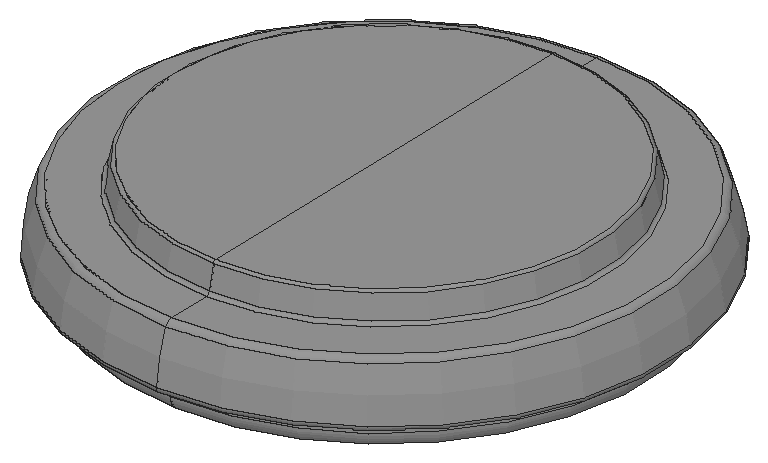
Revit family "FMK11_63_UN_Surface-mounted_ETK", category Lighting Fixtures, Revit 2017 (continued)
Definition of nested family "FMK.1 - Lightsource"
  Types (13, lengths in mm): name | Wattage Comments | Photometric Web File | built-in parameter 1150142 | Apparent Load
      53\t125.7813\t106.5085\r\n88.2355\t70.5452\t54.1615\t7.8573\t0\t0\r\n604.9325\t604.7176\t603.7796\t601.7596\t599.0029\t595.4393\t591.2503\t586.1635\t580.3285\t573.8209\r\n566.5729\t558.4662\t549.5574\t539.959\t529.6359\t518.622\t506.8968\t494.5226\t481.3277\t467.6546\r\n453.3728\t438.6295\t423.5379\t407.4691\t390.6461\t373.1217\t355.4348\t337.4507\t319.172\t300.5231\r\n281.7847\t262.9024\t244.0497\t224.0008\t203.7622\t183.799\t164.2428\t144.9022\t125.7293\t107.5918\r\n88.8514\t71.1298\t54.4435\t38.5694\t0\t0\r\n604.9325\t604.7494\t603.8591\t602.1349\t599.1772\t595.6368\t591.4608\t586.3802\t580.5395\t573.9061\r\n566.6576\t558.7326\t549.8582\t540.3013\t530.0523\t519.0994\t507.4605\t495.1326\t482.1254\t468.5441\r\n454.2405\t439.307\t423.9316\t408.0499\t391.4158\t374.6547\t357.1749\t339.1212\t320.3753\t301.4552\r\n282.4058\t263.17\t243.6782\t224.3313\t205.2234\t185.5059\t165.095\t145.3835\t126.4193\t107.5003\r\n89.5871\t71.6948\t54.518\t36.9883\t0\t0\r\n604.9325\t604.7798\t603.933\t602.2606\t599.5824\t595.8575\t591.7058\t586.6435\t580.8116\t574.1898\r\n566.9202\t558.8521\t549.9829\t540.4445\t530.3688\t519.4493\t507.8531\t495.5801\t482.6631\t469.1248\r\n454.9178\t440.2534\t424.928\t409.1933\t392.26\t375.0811\t357.6797\t339.8697\t321.5662\t303.0997\r\n284.0796\t264.4382\t244.6256\t224.8094\t205.0348\t185.2383\t165.9856\t147.0073\t127.0858\t107.9981\r\n89.7259\t72.2025\t55.0032\t33.0733\t2.9733\t0\r\n604.9325\t604.8087\t604.0009\t602.3737\t599.7493\t596.298\t592.2\t587.1644\t581.1454\t574.5515\r\n567.2809\t559.2119\t550.3447\t540.7829\t530.5511\t519.5979\t508.0056\t495.7365\t482.8831\t469.4721\r\n455.32\t440.7056\t425.4497\t409.8313\t392.9182\t375.989\t358.654\t340.8931\t322.57\t303.9496\r\n284.9419\t265.4893\t245.963\t226.2227\t206.5172\t186.1591\t166.2968\t146.6662\t127.4699\t108.8866\r\n90.4763\t72.3236\t55.4787\t29.4388\t16.9564\t0\r\n604.9325\t604.8361\t604.0626\t602.4735\t599.8962\t596.4937\t592.4457\t587.4678\t581.7164\t575.1773\r\n567.9349\t559.8858\t551.0519\t541.472\t531.0513\t520.0748\t508.4733\t496.1692\t483.3366\t469.7223\r\n455.551\t440.858\t425.587\t409.8699\t393.2087\t376.3423\t359.0181\t341.2638\t323.0544\t304.5645\r\n285.6675\t266.4002\t246.9483\t227.2771\t207.4642\t187.5942\t167.7977\t148.0403\t128.3798\t109.277\r\n90.5235\t72.6235\t56.3199\t28.8061\t14.3084\t0\r\n604.9325\t604.8617\t604.1182\t602.5602\t600.0226\t596.6587\t592.6458\t587.7121\t581.9995\t575.508\r\n568.2964\t560.2824\t551.501\t541.9643\t531.743\t520.7781\t509.1995\t496.8891\t484.1302\t470.4742\r\n456.3108\t441.5572\t426.2844\t410.4684\t394.0507\t377.1843\t359.8341\t342\t323.7882\t305.1042\r\n286.137\t266.7921\t247.3055\t227.5948\t207.825\t187.6657\t167.8486\t148.2204\t128.7693\t109.6958\r\n91.0828\t73.0008\t55.7332\t28.5158\t9.2535\t5.8306\r\n604.9325\t604.8858\t604.1675\t602.6336\t600.1283\t596.7932\t592.7994\t587.8971\t582.2037\t575.7372\r\n568.5319\t560.5294\t551.7717\t542.2778\t531.8858\t520.932\t509.3938\t497.098\t484.3744\t470.7813\r\n456.6695\t441.9743\t426.7397\t410.9949\t394.281\t377.6255\t360.349\t342.6082\t324.4077\t305.9467\r\n287.057\t267.8093\t248.3563\t228.6492\t208.8539\t188.9518\t169.1246\t149.344\t129.7127\t110.5106\r\n91.7654\t73.7774\t57.5617\t24.3495\t13.0724\t0\r\n604.9325\t604.9084\t604.2102\t602.6933\t600.2132\t596.897\t592.9066\t588.0227\t582.1208\t575.6725\r\n568.4733\t560.4987\t551.7845\t542.3932\t532.2197\t521.3168\t509.8504\t497.6049\t484.9598\t471.5946\r\n457.5683\t442.9406\t427.7495\t412.0765\t395.0762\t378.5872\t361.3233\t343.5924\t325.3398\t306.7643\r\n287.7814\t268.4081\t248.9004\t229.0701\t209.3799\t189.1876\t169.2491\t149.5934\t130.3692\t111.7187\r\n93.1623\t74.832\t56.0552\t30.1574\t17.757\t0\r\n604.9325\t604.9291\t604.2466\t602.7396\t600.277\t596.7549\t592.7641\t587.9288\t582.2718\t575.869\r\n568.7055\t560.782\t552.1376\t542.8605\t532.8647\t522.03\t510.6246\t498.4005\t485.7799\t472.303\r\n458.2807\t443.627\t428.3966\t412.6847\t395.7487\t379.043\t361.726\t344.0152\t325.8533\t307.4149\r\n288.4358\t268.8734\t249.1853\t229.375\t209.698\t190.0696\t170.6999\t151.6406\t131.5559\t112.2365\r\n93.7694\t75.9803\t57.7978\t36.3903\t3.3572\t0\r\n604.9325\t604.9482\t604.2766\t602.7724\t600.1026\t596.8317\t592.8688\t588.0895\t582.4821\t576.1402\r\n569.0311\t561.2923\t552.7151\t543.5197\t533.3842\t522.5693\t511.1655\t498.9339\t486.2842\t472.7688\r\n458.7265\t443.8734\t428.6057\t412.8898\t396.4891\t379.9651\t362.5484\t344.6873\t326.0862\t307.3448\r\n288.413\t269.2614\t249.8982\t230.6041\t211.5997\t191.9184\t171.4046\t151.5305\t132.3891\t113.1712\r\n95.0695\t77.0752\t59.9131\t42.0633\t0\t0\r\n604.9325\t604.9657\t604.2998\t602.5548\t600.1553\t596.9302\t593.0054\t588.2927\t582.7506\t576.6036\r\n569.5235\t561.6924\t553.1393\t543.9534\t533.8105\t523.0168\t511.5622\t499.366\t486.4926\t472.912\r\n459.0179\t444.3755\t429.4063\t413.6832\t397.1754\t379.8273\t362.3066\t344.5457\t326.4347\t308.0495\r\n289.4402\t270.7576\t251.9841\t231.9745\t211.6746\t191.7028\t172.0756\t152.6103\t133.1779\t114.8662\r\n95.9878\t78.1761\t61.1735\t45.795\t0\t0\r\n604.9325\t604.9814\t604.3167\t602.5756\t600.2201\t597.0494\t593.1734\t588.5362\t583.1793\t576.9316\r\n569.8621\t562.0891\t553.565\t544.2694\t534.1347\t523.3515\t511.7317\t499.6292\t486.9379\t473.6955\r\n459.8412\t444.9777\t429.3063\t413.3894\t396.8997\t380.0432\t362.8271\t345.3781\t327.6307\t309.5314\r\n291.5164\t271.8122\t251.8804\t231.996\t212.4087\t192.9384\t172.9802\t153.4783\t134.9195\t115.44\r\n97.1203\t79.0755\t62.4054\t9.3896\t0\t0\r\n604.9325\t604.9956\t604.3272\t602.6031\t600.2962\t597.1889\t593.3721\t588.9141\t583.4623\t577.2196\r\n570.1627\t562.4154\t553.8858\t544.5341\t534.2984\t523.5728\t512.1948\t500.5208\t487.6946\t473.958\r\n459.5435\t444.6901\t429.4465\t413.7537\t397.3341\t380.8483\t363.9506\t346.8691\t329.6427\t310.5199\r\n291.273\t271.8245\t252.461\t233.1913\t213.8417\t193.4848\t174.0151\t155.267\t135.3556\t116.4813\r\n97.8216\t80.1325\t63.6547\t0\t0\t0\r\n604.9325\t605.0081\t604.1035\t602.6372\t600.3825\t597.3475\t593.707\t589.127\t583.7094\t577.482\r\n570.4302\t562.6996\t554.1438\t544.6663\t534.7057\t524.3891\t513.0044\t500.7896\t487.3524\t473.6975\r\n459.518\t445.0085\t429.9797\t414.6206\t398.4095\t382.2407\t365.9518\t348.2711\t329.3178\t310.5274\r\n291.5796\t272.7277\t253.9408\t234.0297\t214.0457\t194.5929\t175.6982\t155.4975\t136.2802\t117.3421\r\n98.7646\t81.3279\t72.1805\t0\t0\t0\r\n604.9325\t605.019\t604.1119\t602.6779\t600.4786\t597.6426\t593.9105\t589.3438\t583.9467\t577.7191\r\n570.6656\t562.8212\t554.3085\t545.0755\t535.5347\t524.721\t513.0291\t500.3333\t487.3226\t473.9116\r\n459.8662\t445.6658\t430.8177\t415.8479\t400.1212\t383.9482\t365.8834\t347.7302\t329.562\t311.2079\r\n292.7026\t274.2517\t254.2433\t234.5137\t215.2238\t196.2482\t175.8172\t156.3581\t137.1786\t118.0156\r\n99.7925\t82.5063\t18.8432\t0\t0\t0\r\n604.9325\t605.0283\t604.1218\t602.7247\t600.583\t597.8102\t594.1046\t589.5447\t584.1685\t577.9335\r\n570.7476\t563.1054\t554.7514\t545.9018\t535.7763\t524.3683\t512.6077\t500.3662\t487.5755\t474.3762\r\n460.5654\t446.5906\t432.1211\t417.8057\t401.602\t383.3793\t365.8497\t348.1423\t330.3051\t312.4086\r\n294.1318\t274.1954\t254.8095\t235.669\t216.8273\t196.3608\t176.5926\t157.4869\t137.7906\t118.858\r\n100.818\t83.5993\t0\t0\t0\t0\r\n604.9325\t605.0361\t604.1334\t602.7774\t600.7864\t597.9704\t594.2876\t589.7308\t584.3744\t578.1281\r\n571.0018\t563.4848\t555.5833\t546.1282\t535.3695\t524.2805\t512.6836\t500.6473\t488.0744\t475.1119\r\n461.6374\t447.8475\t434.0262\t417.6448\t400.9644\t383.6448\t366.3432\t349.0233\t331.7904\t313.5353\r\n294.0128\t274.8492\t255.877\t237.208\t216.8648\t197.0235\t177.7961\t157.8749\t138.4358\t119.7504\r\n101.8852\t92.4739\t0\t0\t0\t0\r\n604.9325\t605.0425\t604.1466\t602.848\t600.8972\t598.1214\t594.4589\t589.9031\t584.5647\t578.2256\r\n571.3187\t564.2473\t555.8092\t545.7075\t535.2392\t524.3842\t512.9437\t501.1112\t488.7997\t476.1064\r\n463.0374\t449.343\t433.5399\t417.2783\t400.9627\t384.2803\t367.2588\t350.5131\t332.268\t313.3683\r\n294.6133\t275.9463\t257.4891\t237.3023\t217.356\t197.9306\t178.3323\t158.4724\t139.2137\t120.6822\r\n102.8483\t57.3578\t0\t0\t0\t0\r\n604.9325\t605.0474\t604.1608\t602.9137\t601.0014\t598.264\t594.6171\t590.063\t584.6305\t578.4959\r\n572.0294\t564.4703\t555.3483\t545.5818\t535.2777\t524.6268\t513.4049\t501.7638\t489.7543\t477.3344\r\n464.4028\t448.8923\t433.3396\t417.5334\t401.4281\t385.097\t368.9335\t350.8398\t332.2947\t313.863\r\n295.5771\t277.519\t257.6565\t237.7254\t218.1962\t199.0534\t178.7354\t159.0786\t140.0851\t121.6497\r\n103.8155\t0\t0\t0\t0\t0\r\n604.9325\t605.051\t604.176\t602.9834\t601.0992\t598.3979\t594.7648\t590.2104\t584.8219\t578.8225\r\n572.3363\t564.4139\t555.1729\t545.6088\t535.5075\t525.0194\t514.047\t502.6184\t490.9152\t478.6035\r\n463.8731\t448.8367\t433.4799\t418.0245\t402.1397\t386.5322\t369.0536\t350.9647\t332.8257\t314.7378\r\n297.0853\t277.7551\t257.9227\t238.481\t219.5016\t199.2458\t179.2974\t159.8236\t140.9368\t122.5844\r\n114.5266\t0\t0\t0\t0\t0\r\n604.9325\t604.8195\t604.1772\t603.163\t601.191\t598.5255\t594.895\t590.2198\t585.0512\t579.5204\r\n572.4719\t563.9005\t555.1175\t545.7701\t535.8495\t525.5278\t514.821\t503.6348\t492.264\t478.147\r\n463.7272\t448.9998\t433.9643\t418.7961\t403.6464\t387.1038\t369.0804\t351.3617\t333.5972\t315.9873\r\n297.742\t277.8849\t258.5245\t239.3997\t219.9055\t199.7153\t179.9419\t160.6418\t141.8696\t123.5432\r\n87.3022\t0\t0\t0\t0\t0\r\n604.9325\t604.8214\t604.1941\t603.235\t601.2774\t598.653\t595.016\t590.3749\t585.3173\t579.7601\r\n572.4333\t563.7933\t555.2071\t545.9861\t536.2842\t526.1054\t515.7411\t505.1648\t491.8617\t477.9997\r\n463.7712\t449.4027\t434.6692\t419.8185\t404.4636\t386.7505\t369.4002\t352.0054\t334.6783\t317.1876\r\n297.6146\t278.2823\t259.2507\t240.5064\t220.1321\t200.1444\t180.6201\t161.5081\t142.8095\t124.5313\r\n13.8642\t0\t0\t0\t0\t0\r\n604.9325\t604.8236\t604.2119\t603.3019\t601.3588\t598.7555\t595.1265\t590.5663\t585.9635\t579.8593\r\n571.9911\t563.7863\t555.3307\t546.2508\t536.8328\t526.9331\t517.2336\t505.4984\t491.6135\t478.0339\r\n464.0981\t449.9708\t435.6618\t421.0393\t404.0675\t387.0188\t369.9272\t352.9161\t336.0984\t317.049\r\n297.8658\t278.9167\t260.1671\t240.5732\t220.4028\t200.641\t181.2542\t162.264\t143.6971\t138.9319\r\n0\t0\t0\t0\t0\t0\r\n604.9325\t604.8263\t604.2307\t603.3631\t601.4313\t598.8452\t595.1065\t590.8151\t586.1914\t579.822\r\n571.9271\t563.8539\t555.4675\t546.661\t537.4583\t527.8618\t517.6741\t504.7744\t491.6731\t478.2434\r\n464.6017\t450.7338\t436.9828\t420.7421\t404.1424\t387.4658\t370.696\t354.016\t336.1698\t317.1983\r\n298.3815\t279.7143\t261.0886\t240.6791\t220.7372\t201.1309\t181.8626\t163.0016\t144.4475\t122.5815\r\n0\t0\t0\t0\t0\t0\r\n604.9325\t604.8296\t604.2504\t603.4181\t601.5048\t598.9231\t595.2406\t591.0574\t586.306\t579.3415\r\n571.9105\t564.0096\t555.7297\t547.2433\t538.1409\t529.1692\t517.1897\t504.6634\t491.8013\t478.5756\r\n465.2881\t452.0592\t437.3133\t420.7778\t404.3743\t388.0399\t371.6653\t355.0642\t336.1889\t317.5424\r\n298.9986\t280.8707\t261.0621\t240.914\t221.1175\t201.6401\t182.4991\t163.6658\t145.1424\t84.3257\r\n0\t0\t0\t0\t0\t0\r\n604.9325\t604.8332\t604.2709\t603.4669\t601.5763\t598.9896\t595.3813\t591.6653\t586.3048\t579.2256\r\n571.9268\t564.2159\t556.1016\t547.8041\t538.8916\t529.4947\t517.0631\t504.6077\t491.9608\t479.1972\r\n466.0487\t452.7796\t436.8262\t420.8991\t404.8605\t388.7535\t372.9693\t354.883\t336.3385\t317.986\r\n299.7762\t281.4547\t261.1226\t241.2359\t221.6059\t202.209\t183.1578\t164.3804\t145.8553\t11.7624\r\n0\t0\t0\t0\t0\t0\r\n604.9325\t604.8742\t604.2921\t603.4941\t601.6459\t599.0296\t595.534\t591.8113\t586.2424\t579.1327\r\n571.9926\t564.4765\t556.5369\t548.3248\t540.2008\t528.8722\t517.0076\t504.7376\t492.349\t479.714\r\n467.3129\t452.606\t436.9139\t421.1267\t405.4395\t389.6556\t373.4059\t354.9124\t336.7214\t318.5644\r\n300.8615\t281.2211\t261.3039\t241.5416\t222.049\t202.8204\t183.8329\t165.0665\t157.8062\t0\r\n0\t0\t0\t0\t0\t0\r\n604.9325\t604.8778\t604.3138\t603.5305\t601.7141\t599.0846\t595.6937\t591.9235\t585.8046\t579.085\r\n572.1029\t564.7578\t557.0364\t548.9977\t540.5541\t528.6643\t516.9564\t505.0054\t492.8264\t480.4248\r\n467.8389\t452.4841\t437.2894\t421.6733\t406.0593\t390.8949\t373.0813\t355.0514\t337.1284\t319.303\r\n301.3591\t281.2466\t261.4669\t241.8581\t222.5305\t203.3664\t184.4454\t165.7848\t137.4772\t0\r\n0\t0\t0\t0\t0\t0\r\n604.9325\t604.8809\t604.3362\t603.5621\t601.7811\t599.0352\t595.8464\t591.9852\t585.7061\t579.0857\r\n572.2264\t565.0563\t557.5744\t550.165\t540.3995\t528.673\t517.0206\t505.3604\t493.3723\t481.6559\r\n467.3623\t452.552\t437.5387\t422.5383\t407.0626\t391.1192\t373.1518\t355.3501\t337.6537\t320.3056\r\n301.165\t281.3401\t261.6688\t242.21\t222.9713\t203.9042\t185.0535\t166.4117\t103.1682\t0\r\n0\t0\t0\t0\t0\t0\r\n604.9325\t604.8836\t604.359\t603.5893\t601.8694\t599.1105\t596.0133\t592.0398\t585.6138\t579.1319\r\n572.3514\t565.3855\t558.1204\t550.6032\t539.7275\t528.6462\t517.2427\t505.6569\t494.0788\t482.057\r\n467.3569\t452.5819\t437.9086\t423.1364\t408.6546\t391.0243\t373.2044\t355.7272\t338.2397\t320.9029\r\n301.111\t281.4142\t261.9364\t242.5968\t223.431\t204.436\t185.6287\t167.0034\t27.572\t0\r\n0\t0\t0\t0\t0\t0\r\n604.9325\t604.8855\t604.4761\t603.6117\t601.9217\t599.2035\t596.533\t591.9864\t585.5043\t579.2184\r\n572.5425\t565.734\t558.6618\t550.7546\t539.5884\t528.6359\t517.5185\t506.1812\t495.04\t482.1849\r\n467.305\t452.8559\t438.287\t423.7604\t408.9102\t391.2459\t373.6942\t356.1472\t338.8603\t321.0491\r\n301.0713\t281.5636\t262.175\t242.9288\t223.8638\t204.9514\t186.2113\t182.0587\t1.1881\t0\r\n0\t0\t0\t0\t0\t0\r\n604.9325\t604.8867\t604.5028\t603.6293\t601.9638\t599.2994\t596.645\t591.5011\t585.4756\t579.3018\r\n572.8016\t566.036\t559.6409\t550.1491\t539.5084\t528.714\t517.8046\t506.6744\t495.6339\t481.5654\r\n467.4352\t453.0708\t438.8115\t424.8445\t408.3959\t391.1553\t373.9573\t356.7332\t339.7814\t320.6058\r\n301.0831\t281.6948\t262.4118\t243.275\t224.2954\t205.4324\t186.6954\t167.9441\t0\t0\r\n0\t0\t0\t0\t0\t0\r\n604.9325\t604.887\t604.5236\t603.6425\t601.9959\t599.3986\t596.7257\t591.3548\t585.5182\t579.363\r\n573.0573\t566.424\t559.9176\t549.9196\t539.5158\t528.8377\t518.1153\t507.2742\t495.7579\t481.5916\r\n467.4632\t453.474\t439.2698\t425.2443\t408.263\t391.2061\t374.1569\t357.1614\t340.0716\t320.4624\r\n301.0867\t281.8107\t262.6444\t243.5924\t224.6723\t205.8572\t187.1718\t144.9784\t0\t0\r\n0\t0\t0\t0\t0\t0\r\n604.9325\t604.8865\t604.5428\t603.6338\t602.0103\t599.4978\t596.7763\t591.2522\t585.5281\t579.4668\r\n573.3066\t566.9192\t559.9588\t549.7513\t539.4872\t529.0692\t518.4253\t508.1923\t495.3851\t481.5092\r\n467.7242\t453.7447\t439.9175\t425.2779\t408.1339\t391.3024\t374.4758\t357.6287\t340.0586\t320.3781\r\n301.1083\t281.913\t262.8388\t243.8776\t225.0242\t206.2552\t187.5981\t115.0009\t0\t0\r\n0\t0\t0\t0\t0\t0\r\n604.9325\t604.885\t604.5606\t603.645\t602.0264\t599.5935\t596.8163\t591.1682\t585.5125\t579.6428\r\n573.535\t567.325\t560.0188\t549.5766\t539.5151\t529.2436\t518.8689\t508.4588\t495.2237\t481.6326\r\n467.8736\t454.23\t440.7564\t424.7799\t408.1443\t391.3969\t374.7627\t358.4102\t339.5867\t320.3059\r\n301.1296\t282.0313\t263.0322\t244.1182\t225.3098\t206.5909\t208.5256\t41.0682\t0\t0\r\n0\t0\t0\t0\t0\t0\r\n604.9325\t604.8822\t604.5765\t603.6541\t602.0366\t599.6814\t596.7991\t591.1051\t585.5226\t579.7912\r\n573.7965\t568.1624\t559.4207\t549.5037\t539.5662\t529.4615\t519.2377\t508.6864\t495.0436\t481.679\r\n468.2064\t454.598\t441.0964\t424.6947\t408.1124\t391.6374\t375.1268\t358.6007\t339.3875\t320.2485\r\n301.1794\t282.1608\t263.2234\t244.3607\t225.5868\t206.9026\t205.2836\t16.995\t0\t0\r\n0\t0\t0\t0\t0\t0\r\n604.9325\t604.8785\t604.5908\t603.6633\t601.9395\t599.7647\t596.7418\t591.06\t585.5485\t579.8973\r\n574.0964\t568.3927\t559.2244\t549.5165\t539.6473\t529.7217\t519.6586\t508.6422\t495.0411\t481.7111\r\n468.4364\t455.1131\t441.2729\t424.5622\t408.1888\t391.8366\t375.4632\t358.6633\t339.2702\t320.1939\r\n301.1714\t282.2413\t263.3757\t244.584\t225.8505\t207.1891\t196.3747\t0\t0\t0\r\n0\t0\t0\t0\t0\t0\r\n604.9325\t604.8733\t604.6033\t603.6729\t601.9265\t600.2331\t596.6322\t591.0364\t585.5873\t580.0245\r\n574.3594\t568.5711\t559.0794\t549.4846\t539.7647\t529.9902\t520.5131\t508.1301\t494.9934\t481.8595\r\n468.6626\t455.4659\t441.221\t424.5762\t408.315\t392.0382\t376.1636\t358.1518\t339.119\t320.1416\r\n301.21\t282.3326\t263.5119\t244.7525\t226.0488\t207.4163\t183.0863\t0\t0\t0\r\n0\t0\t0\t0\t0\t0\r\n604.9325\t604.8668\t604.6139\t603.695\t601.9318\t600.3013\t596.5338\t590.9823\t585.6512\t580.1659\r\n574.5935\t568.6407\t558.9834\t549.4782\t539.8949\t530.2134\t520.7044\t508.0583\t495.0091\t481.9755\r\n468.936\t456.1777\t440.6073\t424.4889\t408.3795\t392.2535\t376.4444\t357.9475\t338.9762\t320.0694\r\n301.208\t282.3868\t263.6237\t244.9007\t226.2289\t207.6039\t166.6342\t0\t0\t0\r\n0\t0\t0\t0\t0\t0\r\n604.9325\t604.8591\t604.6493\t603.703\t601.9417\t600.3485\t596.0679\t590.8989\t585.6858\t580.3035\r\n574.8415\t568.6032\t558.9126\t549.5162\t540.0334\t530.4923\t520.8077\t507.8674\t495.0311\t482.1225\r\n469.1845\t456.3674\t440.4697\t424.4357\t408.4313\t392.4354\t376.5266\t357.6959\t338.8194\t319.9882\r\n301.1811\t282.4086\t263.6716\t244.9804\t226.3421\t207.7361\t148.0797\t0\t0\t0\r\n0\t0\t0\t0\t0\t0\r\n604.9325\t604.8499\t604.6541\t603.708\t601.9557\t600.3666\t595.9812\t590.8541\t585.6659\t580.4378\r\n575.0686\t568.5408\t558.8013\t549.5237\t540.1919\t530.7662\t520.8701\t507.7843\t494.9614\t482.1637\r\n469.3976\t456.3809\t440.3147\t424.4104\t408.4891\t392.588\t376.4753\t357.4762\t338.6657\t319.8723\r\n301.1199\t282.3935\t263.7053\t245.055\t226.4221\t207.8132\t128.3104\t0\t0\t0\r\n0\t0\t0\t0\t0\t0\r\n604.9325\t604.8391\t604.6536\t603.7099\t601.9915\t600.3844\t595.8953\t590.8399\t585.6779\t580.4851\r\n575.7618\t567.9273\t558.7536\t549.4945\t540.2391\t530.9988\t520.839\t507.746\t495.0258\t482.2626\r\n469.5282\t456.2376\t440.1362\t424.3591\t408.547\t392.7352\t376.3568\t357.2544\t338.4904\t319.7454\r\n301.0327\t282.3506\t263.6906\t245.0533\t226.4334\t230.4994\t61.4906\t0\t0\t0\r\n0\t0\t0\t0\t0\t0\r\n604.9325\t604.827\t604.6476\t603.7081\t602.0045\t600.3945\t595.8023\t590.8088\t585.7376\t
